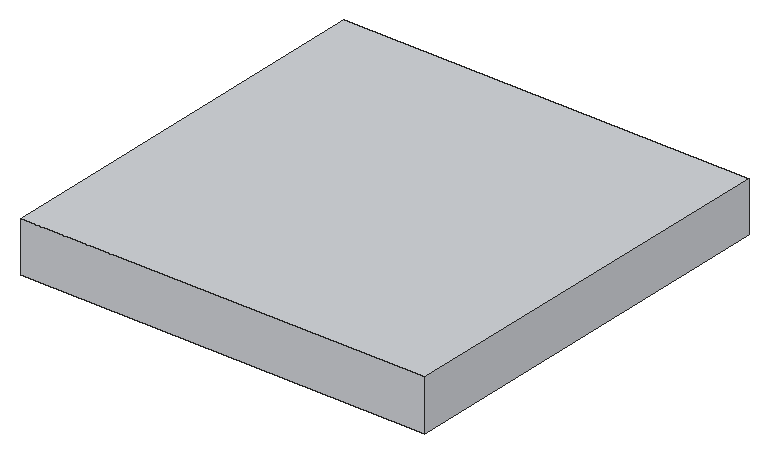
Revit family "05-E080-Z5-CL", category Luminarias, Revit 2017
Family settings
  Anfitrión = Cara
  Cota de conector redondo = Diámetro de uso
  Tipo de pieza = Normal
  Número OmniClass = 23.80.70.00
  Título OmniClass = Lighting
  Corte con vacíos al cargar = No
  Origen de luz = No
  Compartido = Sí
  Punto de cálculo de habitación = No
Parameters (values of type "05-E080-Z5-CL")
  Versión = "v1"
  Vatios (W) = 13.9
  Tipo de regulación = ""
  Tipo = "Aplique"
  Tender text (English) = "LEDS C4\nAfrodita Tech Small Double Emission\n05-E080-Z5-CL\n\nfor outdoor use. \n\nFor uplighting and downlighting. Suitable for installation in marine environments. Structure material: Aluminium. Structure finish: Urban grey. Diffuser material: Glass. Diffuser finish: Transparent. UV protection. Warranty: 5 Years.\n\nProduct net weight (Kg): 0.000\nProduct width or diameter (mm): 120\nProduct height (mm): 120\nProduct aperture (mm): 90\n\nClass 1. IP: IP65. IK: IK05. LED. No. of lampholders or LEDs: 2. LED brand: CREE. Driver brand: HEP. Maximum power of light source: 12W. Colour temperature: LED warm-white 3000K. Colour rendering index: 80. MacAdam Steps: 3. Maximum diameter of luminaire bulb: 50.000h L80B20. UGR: 9.3. Photobiological risk: RG2. Real flux (lm): 360. Lm/Real W: 26. Voltage and frequency range: 100-277/50-60Hz. Voltage: 12. Gear included: Yes, electronic. Total power: 13.9. Power factor: 0.90."
  Tender text (Castellano) = "LEDS C4\nAfrodita Tech Small Double Emission\n05-E080-Z5-CL\n\nde uso exterior para iluminar hacia arriba y hacia abajo \nApto para instalar en ambientes con atmósfera marina. Material estructura: Aluminio. Acabado estructura: Gris urbano. Material difusor: Cristal. Acabado difusor: Transparente. Protección contra los rayos ultravioleta. Garantía: 5 Años.\n\nPeso neto del producto (Kg): 0.000\nAnchura o diámetro del producto (mm): 120\nAltura del producto (mm): 120\nSalida del producto (mm): 90\n\nClase 1. IP: IP65. IK: IK05. LED. Nº de portalámparas o Leds: 2. Marca del LED: CREE. Marca del Driver: HEP. Potencia máxima de la fuente de luz: 12W. Temperatura de color: Blanco cálido - 3000K. Índice de reproducción cromática: 80. Steps Mac Adam: 3. Diámetro máximo de la bombilla que admite la luminaria: 50.000h L80B20. UGR: 9.3. Riesgo fotobiológico: RG2. Flujo real (lm): 360. Lm/W reales: 26. Rango de voltaje/frecuencia: 100-277/50-60Hz. Voltaje: 12. Equipo incluido: Si, electrónico. Potencia total: 13.9. Factor de potencia: 0.90."
  Temperatura color led (K) = "Blanco cálido - 3000K"
  Referencia = "05-E080-Z5-CL"
  Rayo de luz = "Check Photometric file"
  Producto descatalogado = "Catalogado ES"
  Pluma comercial = ""
  Peso neto (KG) = 0
  Material = "Aluminio, Cristal"
  Lumenes reales (lm) = 360
  LDT = "http://files.leds-c4.com/ldt/05-E080-Z5-CL.html"
  Imagen web = "http://files.leds-c4.com/main-photo/05-E080-Z5-CL"
  IfcExportType = "NOTDEFINED"
  IfcExportAs = "IfcLightFixture\r\nIfcLightFixture"
  IP = "IP65"
  IMC = "http://files.leds-c4.com/imc/05-E080-Z5-CL.html"
  IK = "IK05"
  Fuente de luz = ""
  Fotometría = "http://files.leds-c4.com/fm/05-E080-Z5-CL.html"
  Ficha = "http://files.leds-c4.com/ft/es/05-E080-Z5-CL.html"
  FechaVersion = "Julio 2020"
  Familia = "Afrodita Tech Small Double Emission"
  Fabricante = "LEDS C4"
  Etiqueta V/f = "100-240V/50-60Hz"
  Elevación por defecto = 1000 mm
  Eficiencia energética = "LED A++"
  EAN13 = "8435575319417"
  DescripcionUniformat2010 = "Lighting"
  DescripcionUniclass2015 = "Lighting"
  DescripcionOmniclass = "Lighting"
  DescripcionGubimclass = "Iluminación interior"
  CodigoUniformat2010 = "D5040"
  CodigoUniclass2015 = "EF_70_80"
  CodigoOmniclass = "21-04 50 40"
  CodigoGubimclass = "50.60.50.20"
  Catálogo = "Outdoor"
  Carga aparente = 0 VA
  CRI = 80
  Acabado = "Gris urbano, Transparente"
Types (2, lengths in mm): name | Lumenes reales (lm) | CRI
  (no name) | 0 | 0
  05-E080-Z5-CL | 360 | 80
Values of the unnamed type that differ from the named types
  Vatios (W) = 0
  Tipo = ""
  Tender text (English) = ""
  Tender text (Castellano) = ""
  Temperatura color led (K) = ""
  Referencia = ""
  Rayo de luz = ""
  Producto descatalogado = ""
  Material = ""
  LDT = ""
  Imagen web = ""
  IP = ""
  IMC = ""
  IK = ""
  Fotometría = ""
  Ficha = ""
  Familia = ""
  Etiqueta V/f = ""
  Eficiencia energética = ""
  EAN13 = ""
  Catálogo = ""
  Acabado = ""
Reference planes
  plane 1 "Centro (Frontal/Posterior)": y = 0
  plane 2: z = 0
  plane 3 "Centro (Izquierda/Derecha)": x = 0
  plane 4 "Elevación de origen de luz": z = 0
  plane 5 "Eje de origen de luz (F/P)": y = 0
  plane 6 "Eje de origen de luz (I/D)": x = 0
Forms (mm)
  Extrusion 1, solid
    sketch origin (0, 0, 0) x (1, 0, 0) y (0, 1, 0)
      loop
        line (-1219.2, 1219.2) -> (-1219.2, -1219.2) -> (1219.2, -1219.2) -> (1219.2, 1219.2) -> (-1219.2, 1219.2)
    from 0 to -304.8
Dimensions and locks
  aligned and locked: plane 2 to Extrusion 1
  aligned and locked: level to Extrusion 1
Nested families
  nested 1: "Luz anidada" at (0, -78.354, 51.504), type "Tipo1"
Connectors
  electrical at (0, 0, 0)
    settings: on Extrusion 1, index 1, voltage 0 V, apparent load 0 VA, apparent load phase1 0 VA, apparent load phase2 0 VA, apparent load phase3 0 VA, power factor 1, load classification "Otro", number of poles 1, system type 31, power factor state 1, is connector primary yes, connector utility no, sub classification motor no, connector description ""
Definition of nested family "Luz anidada"
  Parameters (values of type "Tipo1")
    Tilt Angle = 0.00°
    Wattage = 13.9 W
    Tipo de regulación = ""
    Tipo = ""
    Tender text = ""
    built-in parameter 1150110 = 1 (stored number, unit not read)
    Pluma comercial = ""
    Material = ""
    Imagen = ""
    IP = ""
    IMC = ""
    IK = ""
    Fotometría = ""
    Ficha = ""
    Familia = ""
    Estado en catálogo = ""
    Peso neto = ""
    Lamp = ""
    built-in parameter 1114217 = 1 (stored number, unit not read)
    built-in parameter 1150109 = 1 (stored number, unit not read)
    Etiqueta vf = ""
    Eficiencia energética = ""
    EAN13 = ""
    built-in parameter 1150134 = (empty or 0)
    built-in parameter 1150113 = 1 (stored number, unit not read)
    Lumens = 2391 lm
    built-in parameter 1150115 = 1 (stored number, unit not read)
    built-in parameter 1150105 = 109.82 (stored number, unit not read)
    built-in parameter 1150137 = (empty or 0)
    built-in parameter 1150139 = (empty or 0)
    built-in parameter 1150112 = 1 (stored number, unit not read)
    built-in parameter 1150114 = 1 (stored number, unit not read)
    built-in parameter 1150132 = (empty or 0)
    built-in parameter 1150102 = (empty or 0)
    built-in parameter 1150138 = (empty or 0)
    built-in parameter 1150107 = 3000 (stored number, unit not read)
    built-in parameter 1150106 = 1.0982 (stored number, unit not read)
    built-in parameter 1150104 = 2.4061 (stored number, unit not read)
    Catálogo = ""
    Dimming Lamp Color Temperature Shift = (empty or 0)
    Color Filter = 16777215
    built-in parameter 1114218 = 1 (stored number, unit not read)
    CRI = 0
    Photometric Web File = "05-E080-Z5-CL_1.ies"
    Acabado = ""
    built-in parameter 1150133 = 10 (stored number, unit not read)
  Values of the unnamed type that differ from the named types
    Wattage = 7.1 W
    built-in parameter 1150104 = 2.3553 (stored number, unit not read)
  Reference planes
    plane 1 "Eje de origen de luz (F/P)": y = 0
    plane 2: z = 0
    plane 3 "Eje de origen de luz (I/D)": x = 0
    plane 4 "Elevación de origen de luz": z = 0
  Dimensions and locks
    aligned and locked: plane 3 "Eje de origen de luz (I/D)" to imposter light
    aligned and locked: plane 1 "Eje de origen de luz (F/P)" to imposter light
    aligned and locked: plane 4 "Elevación de origen de luz" to imposter light
    aligned and locked: level to plane 2
